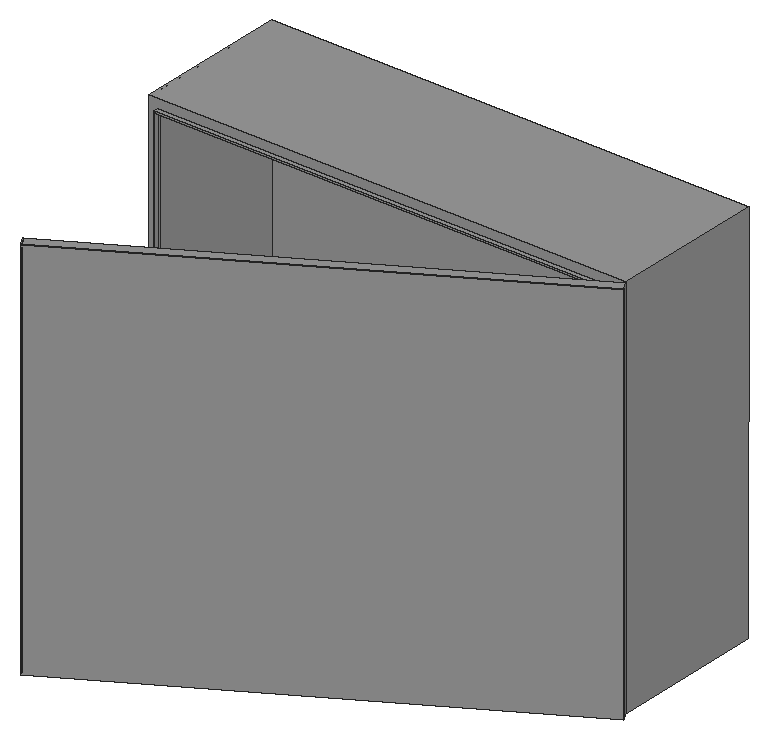
Revit family "Hager-Univers-IP55-D275-H650-Cl.I-Steel_encl-NoHosted-DE-de", category Equipement électrique, Revit 2020
Family settings
  Configuration du panneau = Deux colonnes, circuits au sein
  Cote de connecteur circulaire = Utiliser le diamètre
  Type d'élément = Tableau de raccordement
  Basée sur le plan de construction = Oui
  Toujours verticalement = Oui
  Couper avec des vides une fois chargée = Non
  Partagée = Non
  Point de calcul de pièce = Non
Parameters (values of type "Aufputz IP55 B800 H650 T275  - FR43E")
  Width Control [instance] = if([EF000008 - Breite] > Min Width, [EF000008 - Breite], Min Width)  # 800 mm
  Commentaires du type = [HG000003 - Bereich]  # "Univers"
  Thickness Door [instance] = if([EF009171 - Materialstärke Tür/Deckel] > 3 mm, 3 mm, [EF009171 - Materialstärke Tür/Deckel])  # 1.5 mm
  Seal Frame Offset [instance] = 17 mm  # constant formula
  Plinth Visibility [instance] = [HG000027 - Sockelhöhe] > 0 mm  # no
  Min Width [instance] = 100 mm  # constant formula
  Min Depth [instance] = (2 * [EF009170 - Materialstärke Gehäuse]) + 1 mm  # 4 mm
  Min Height [instance] = 100 mm  # constant formula
  Internal Frame Depth [instance] = (Door System Depth * 0.5)  # 9 mm
  Panel Name [instance] = ""  # (empty or 0)
  Model = ""
  HG000027 - Sockelhöhe = 0 mm
  HG000026 - Stehend auf dem Boden = no
  HG000024 - Höhe des unteren Teils = 600 mm
  HG000023 - Gehäuse mit doppeltem Querschnitt = no
  HG000016 - 3D-Türsichtbarkeit [instance] = yes
  HG000015 - Sichtbarkeit der Türöffnung [instance] = no
  HG000014 - Tür rechts [instance] = yes
  HG000013 - Tür links [instance] = not([HG000014 - Tür rechts])  # no
  HG000012 - Türschwenkwinkel [instance] = 30.00°
  HG000010 - Asymmetrische Türen = no
  HG000009 - Doppelflügeligen Tür = no
  HG000006 - Unterputz = no
  HG000004 - Herstellerreferenz = "FR43E"
  HG000003 - Bereich = "Univers"
  HG000002 - Mit tür = yes
  Frame Offset Bottom [instance] = 10 mm  # constant formula
  Frame Offset [instance] = 15 mm  # constant formula
  EF015940 - Deckel mit Überdruckentlastung = no
  EF011959 - Schutzart (NEMA) = ""
  EF009554 - Anzahl der Öffnungen für Flanschplatten = 6
  EF009212 - Ausführung Deckel = "EV000116 - geschlossen"
  EF009171 - Materialstärke Tür/Deckel = 1.5 mm
  EF009170 - Materialstärke Gehäuse = 1.5 mm
  EF008873 - Nennstrom (In) = 800 A
  EF007800 - Geeignet für Blitzschutz = no
  EF006306 - Mit Schloss = no
  EF006244 - Transparenter Deckel/Tür = no
  EF005474 - Schutzart (IP) = "EV006420 - IP55"
  EF004464 - Art der Tür = "EV002646 - Einzel"
  EF004427 - Anzahl der Module = 144
  EF004293 - Schlagfestigkeit = "EV008784 - IK10"
  EF003532 - Geeignet für Außengebrauch = no
  EF002950 - Breite in Teilungseinheiten = 24
  EF001613 - Funktionserhalt = "EV000494 - ohne"
  EF001596 - Werkstoff des Gehäuses = "EV000179 - Stahl"
  EF001131 - Innentiefe = 275 mm
  EF001088 - Anbaumöglichkeit = yes
  EF000437 - Anzahl der Leitungseinführungen = 6
  EF000339 - Art der Abdeckung = "EV004216 - Tür"
  EF000266 - Anzahl der Reihen = 4
  EF000218 - Einbautiefe = 0 mm
  EF000118 - Mit Montageplatte = no
  EF000116 - RAL-Nummer = "7035"
  EF000049 - Tiefe = 275 mm
  EF000040 - Höhe = 650 mm
  EF000008 - Breite = 800 mm
  EF000007 - Farbe = "EV000270 - grau"
  EF000003 - Montageart = "EV000384 - Aufputz"
  Door System Leaf Tolerance [instance] = 1.5 mm  # constant formula
  Door System Depth [instance] = 18 mm  # constant formula
  Door Height [instance] = Height Control - [HG000027 - Sockelhöhe]  # 650 mm
  Description = ""
  Default Elevation = 1219.2 mm
  Connector Offset [instance] = Height Control / 2  # 325 mm
  Fabricant = "Hager"  # constant formula
  Height Control [instance] = if([EF000040 - Höhe] > Min Height, [EF000040 - Höhe], Min Height)  # 650 mm
  Depth Control [instance] = if([EF000049 - Tiefe] > Min Depth, [EF000049 - Tiefe], Min Depth)  # 275 mm
  Bottom Top Plate Trim [instance] = 1.5 mm  # constant formula
  Plinth height Ctrl [instance] = if([HG000027 - Sockelhöhe] > 0 mm, [HG000027 - Sockelhöhe], 12 mm)  # 12 mm
Types (5, lengths in mm): name | Width Control | HG000010 - Asymmetrische Türen | HG000009 - Doppelflügeligen Tür | HG000004 - Herstellerreferenz | EF009554 - Anzahl der Öffnungen für Flanschplatten | EF004464 - Art der Tür | EF004427 - Anzahl der Module | EF000437 - Anzahl der Leitungseinführungen | EF000008 - Breite
  Aufputz IP55 B1050 H650 T275  - FR44E | 1050 | no | yes | "FR44E" | 8 | "EV003602 - Doppel" | 192 | 8 | 1050
  Aufputz IP55 B1300 H650 T275  - FR45E | 1300 | yes | yes | "FR45E" | 10 | "EV003602 - Doppel" | 240 | 10 | 1300
  Aufputz IP55 B300 H650 T275  - FR41E | 300 | no | no | "FR41E" | 2 | "EV002646 - Einzel" | 48 | 2 | 300
  Aufputz IP55 B550 H650 T275  - FR42E | 550 | no | no | "FR42E" | 4 | "EV002646 - Einzel" | 96 | 4 | 550
  Aufputz IP55 B800 H650 T275  - FR43E | 800 | no | no | "FR43E" | 6 | "EV002646 - Einzel" | 144 | 6 | 800
Reference planes
  plane 1 "Center (Front/Back)": y = 0
  plane 2: z = 0
  plane 3 "Center (Left/Right)": x = 0
  plane 4: y = 0
  plane 5: y = 0
  plane 6: z = 0
  plane 7: x = -400
  plane 8: x = 400
  plane 9: x = 398.5
  plane 10: x = -398.5
  plane 11: z = 0
  plane 12: z = 1.5
  plane 13: y = -275
  plane 14: y = -1.5
  plane 15: x = 0
  plane 16: y = -257
  plane 17: y = -273.5
  plane 18: y = -255.5
  plane 19: x = -383.5
  plane 20: x = 383.5
  plane 21: z = 11.5
  plane 22: x = -383
  plane 23: x = 383
  plane 24: z = 0
  plane 25: z = 650
  plane 26: z = 650
  plane 27: z = 633.5
  plane 28: z = 648.5
Forms (mm)
  Extrusion 1, solid, material "Hager_Steel_RAL7035_Light_Grey", detail levels medium+fine
    sketch origin (-208.679, -4572, 0) x (-1, 0, 0) y (0, -1, 0)
      loop
        line (191.321, -4315) -> (-608.679, -4315) -> (-608.679, -4572) -> (191.321, -4572) -> (191.321, -4315)
    from 0 to 650
  Extrusion 2, void
    sketch origin (-350.771, -275, 1219.2) x (1, 0, 0) y (0, 0, 1)
      loop
        line (-47.729, -570.7) -> (-47.729, -1217.7) -> (749.271, -1217.7) -> (749.271, -570.7) -> (-47.729, -570.7)
    from -19.5 to -273.5
  Extrusion 3, void
    sketch origin (-290.084, -257, 1219.2) x (1, 0, 0) y (0, 0, 1)
      loop
        line (-93.416, -1207.7) -> (673.584, -1207.7) -> (673.584, -585.7) -> (-93.416, -585.7) -> (-93.416, -1207.7)
    from 0 to -1.5
  Extrusion 4, solid, material "Hager_Steel_RAL7035_Light_Grey", visible <- "Plinth Visibility", detail levels medium+fine
    sketch origin (0, 0, 0) x (1, 0, 0) y (0, 1, 0)
      loop
        line (-400, 0) -> (-400, -257) -> (400, -257) -> (400, 0) -> (-400, 0)
    from 0 to 12 <- "Plinth height Ctrl"
  Extrusion 5, solid, material "Hager_Steel_RAL7035_Light_Grey", detail levels coarse
    sketch origin (0, 0, 0) x (1, 0, 0) y (0, 1, 0)
      loop
        line (-400, 0) -> (-400, -275) -> (400, -275) -> (400, 0) -> (-400, 0)
    from 0 to 650 <- "Height Control"
  Sweep 6, void
    path in 3D
      loop
        line (-400, -257, 12) -> (400, -257, 12) -> (400, 0, 12) -> (-400, 0, 12) -> (-400, -257, 12)
    profile origin (-400, -128.5, 12) x (1, 0, 0) y (0, 0, 1)
      loop
        line (0, 0) -> (0, -1.5) -> (1.5, -1.5)
        arc (1.5, -1.5) -> (1.061, -0.439) -> (0, 0) r 1.5
  Extrusion 7, solid, material "Hager_Steel_RAL7035_Light_Grey", detail levels fine
    sketch origin (-400, -257, 0) x (1, 0, 0) y (0, 0, 1)
      loop
        line (16.5, 11.5) -> (783.5, 11.5) -> (783.5, 633.5) -> (16.5, 633.5) -> (16.5, 11.5)
      loop
        line (15, 10) -> (785, 10) -> (785, 635) -> (15, 635) -> (15, 10)
    from 0 to 9 <- "Internal Frame Depth"
Cuts and joins
  Extrusion 2, Extrusion 3 cuts Extrusion 1
  Sweep 6 cuts Extrusion 4
Lines and regions (mm)
  Masking region 1
    outline origin (0, 0, 0) x (1, 0, 0) y (0, 1, 0)
      loop
        line (-400, 0) -> (-400, -275) -> (400, -275) -> (400, 0) -> (-400, 0)
  Masking region 2, detail levels coarse
    outline origin (-290.084, -257, 1219.2) x (-1, 0, 0) y (0, 0, 1)
      loop
        line (-690.084, -1219.2) -> (109.916, -1219.2) -> (109.916, -569.2) -> (-690.084, -569.2) -> (-690.084, -1219.2)
  Masking region 3, detail levels coarse
    outline origin (0, 0, 0) x (0, 1, 0) y (0, 0, 1)
      loop
        line (0, 0) -> (0, 650) -> (-275, 650) -> (-275, 0) -> (0, 0)
  Masking region 4, visible <- "Plinth Visibility", detail levels medium+fine
    outline origin (0, 0, 0) x (0, 1, 0) y (0, 0, 1)
      loop
        line (-1.5, 12) -> (-255.5, 12)
        arc (-255.5, 12) -> (-255.939, 10.939) -> (-257, 10.5) r 1.5
        line (-257, 10.5) -> (-257, 0) -> (0, 0) -> (0, 10.5)
        arc (0, 10.5) -> (-1.061, 10.939) -> (-1.5, 12) r 1.5
  Masking region 5, detail levels medium+fine
    outline origin (0, 0, 594.038) x (0, 1, 0) y (0, 0, 1)
      loop
        line (0, -594.038) -> (0, 55.962) -> (-257, 55.962) -> (-257, -594.038) -> (0, -594.038)
  Masking region 6, detail levels medium+fine
    outline origin (-359.7, -257, 1211.883) x (-1, 0, 0) y (0, 0, 1)
      loop
        line (-759.7, -1211.883) -> (40.3, -1211.883) -> (40.3, -561.883) -> (-759.7, -561.883) -> (-759.7, -1211.883)
  Masking region 7, visible <- "Plinth Visibility", detail levels medium+fine
    outline origin (-320.334, -257, 1041.368) x (-1, 0, 0) y (0, 0, 1)
      loop
        line (-720.334, -1041.368) -> (79.666, -1041.368) -> (79.666, -1030.868)
        arc (79.666, -1030.868) -> (78.606, -1030.429) -> (78.166, -1029.368) r 1.5
        line (78.166, -1029.368) -> (-718.834, -1029.368)
        arc (-718.834, -1029.368) -> (-719.273, -1030.429) -> (-720.334, -1030.868) r 1.5
        line (-720.334, -1030.868) -> (-720.334, -1041.368)
  sketch lines
    curve 1: line (-400, 0, 12) -> (-400, -257, 12)
    curve 2: line (-400, -257, 12) -> (400, -257, 12)
    curve 3: line (400, 0, 12) -> (-400, 0, 12)
    curve 4: line (400, -257, 12) -> (400, 0, 12)
Dimensions and locks
  locked: plane 1 "Center (Front/Back)" to plane 5
  "EF009170 - Materialstärke Gehäuse": plane 7 to plane 10
  "EF009170 - Materialstärke Gehäuse": plane 8 to plane 9
  equal spacing: plane 7, plane 3 "Center (Left/Right)", plane 8
  "Width Control": plane 7 to plane 8
  "Depth Control": plane 4 to plane 13
  "EF009170 - Materialstärke Gehäuse": plane 4 to plane 14
  "Height Control": plane 25 to level
  "HG000027 - Sockelhöhe": plane 11 to level
  "EF009170 - Materialstärke Gehäuse": plane 12 to plane 11
  "EF009170 - Materialstärke Gehäuse": plane 17 to plane 13
  "EF009170 - Materialstärke Gehäuse": plane 18 to plane 16
  "Frame Offset Bottom": plane 21 to plane 12
  "Frame Offset": plane 10 to plane 19
  "Frame Offset": plane 9 to plane 20
  "Door System Depth": plane 16 to plane 13
  "Seal Frame Offset": plane 7 to plane 22
  "Seal Frame Offset": plane 8 to plane 23
  "EF009170 - Materialstärke Gehäuse": plane 26 to plane 28
  "Frame Offset": plane 28 to plane 27
  "Connector Offset": plane 2 to connector elem
  "Bottom Top Plate Trim": profile plane to Sweep 6 sketch curve
  "Bottom Top Plate Trim": Sweep 6 sketch curve to Sweep 6 sketch curve
  "Plinth height Ctrl": Masking region 4 sketch curve to level
  "Plinth height Ctrl": Masking region 7 sketch curve to level
  "Thickness Door": Extrusion 7 sketch curve to Extrusion 7 sketch curve  (x4)
  "Bottom Top Plate Trim": radius of Sweep 6 sketch curve
  "Bottom Top Plate Trim": radius of Masking region 4 sketch curve  (x2)
  "Bottom Top Plate Trim": radius of Masking region 7 sketch curve  (x2)
  aligned and locked: Extrusion 2 sketch curve to plane 12
  aligned and locked: Extrusion 2 sketch curve to plane 9
  aligned and locked: Extrusion 2 sketch curve to plane 10
  aligned and locked: Extrusion 2 to plane 14
  aligned and locked: Extrusion 1 sketch curve to plane 4
  aligned and locked: plane 8 to Extrusion 1 sketch curve
  aligned and locked: plane 7 to Extrusion 1 sketch curve
  aligned and locked: Extrusion 2 to plane 18
  aligned and locked: Extrusion 3 sketch curve to plane 19
  aligned and locked: plane 20 to Extrusion 3 sketch curve
  aligned and locked: Extrusion 3 to Extrusion 2
  aligned and locked: Extrusion 3 sketch curve to plane 21
  aligned and locked: plane 3 "Center (Left/Right)" to nested 1
  aligned and locked: Extrusion 1 sketch curve to plane 16
  aligned and locked: Extrusion 4 sketch curve to cut or joined group of Extrusion 1, Extrusion 2, Extrusion 3
  aligned and locked: Masking region 1 sketch curve to plane 7
  aligned and locked: Masking region 1 sketch curve to plane 5
  aligned and locked: Masking region 1 sketch curve to plane 8
  aligned and locked: Masking region 2 sketch curve to level
  aligned and locked: level to Masking region 3 sketch curve
  aligned and locked: plane 1 "Center (Front/Back)" to Masking region 3 sketch curve
  aligned and locked: plane 13 to Masking region 3 sketch curve
  aligned and locked: plane 5 to Masking region 4 sketch curve
  aligned and locked: Masking region 2 sketch curve to plane 8
  aligned and locked: Masking region 2 sketch curve to plane 7
  aligned and locked: plane 7 to nested 2
  aligned and locked: nested 2 to plane 5
  aligned and locked: plane 5 to Masking region 5 sketch curve
  aligned and locked: plane 26 to Masking region 5 sketch curve
  aligned and locked: Extrusion 5 sketch curve to plane 8
  aligned and locked: Extrusion 5 sketch curve to plane 7
  aligned and locked: Extrusion 5 sketch curve to plane 5
  aligned and locked: Extrusion 3 sketch curve to plane 27
  aligned and locked: Extrusion 2 sketch curve to plane 28
  aligned and locked: Masking region 2 to plane 25
  aligned and locked: Extrusion 4 to plane 16
  aligned and locked: profile plane to Sweep 6 sketch curve
  aligned and locked: Masking region 5 sketch curve to plane 24
  aligned and locked: level to Masking region 4 sketch curve
  aligned and locked: Masking region 1 to plane 13
  aligned and locked: nested 1 to plane 16
  aligned and locked: Masking region 3 to plane 25
  aligned and locked: plane 16 to Masking region 4 sketch curve
  aligned and locked: Masking region 5 sketch curve to plane 16
  aligned and locked: plane 24 to plane 11
  aligned and locked: plane 26 to plane 25
  aligned and locked: plane 26 to cut or joined group of Extrusion 1, Extrusion 2, Extrusion 3
  aligned and locked: nested 1 to plane 24
  aligned and locked: Extrusion 1 to Extrusion 3
  aligned and locked: Masking region 6 sketch curve to plane 8
  aligned and locked: Masking region 6 sketch curve to plane 24
  aligned and locked: Masking region 6 sketch curve to plane 7
  aligned and locked: Masking region 6 sketch curve to plane 26
  aligned and locked: Masking region 7 sketch curve to plane 7
  aligned and locked: level to Masking region 7 sketch curve
  aligned and locked: Masking region 7 sketch curve to plane 8
  aligned and locked: Extrusion 7 sketch curve to cut or joined group of Extrusion 1, Extrusion 2, Extrusion 3  (x4)
Automatic sketch dimensions
  plane 19 to Extrusion 3 sketch curve = 0 mm
  Extrusion 3 sketch curve to plane 20 = 0 mm
  Extrusion 3 sketch curve to plane 21 = 0 mm
  Extrusion 4 sketch curve to plane 7 = 0 mm
  Extrusion 4 sketch curve to plane 8 = 0 mm
  Extrusion 4 sketch curve to plane 16 = 0 mm
  Masking region 1 sketch curve to plane 13 = 0 mm
  Masking region 2 sketch curve to plane 25 = 0 mm
  Masking region 3 sketch curve to plane 25 = 0 mm
  Extrusion 5 sketch curve to plane 13 = 0 mm
  profile plane to Sweep 6 sketch curve = 0 mm
Nested families
  nested 1: "EC000058_Univers_Door" at (0, -257, 0), Double <- "HG000009 - Doppelflügeligen Tür", Transparent <- "EF006244 - Transparenter Deckel/Tür", Angle <- "HG000012 - Türschwenkwinkel", Door_Right <- "HG000014 - Tür rechts", Assymetrical <- "HG000010 - Asymmetrische Türen", Door <- "HG000002 - Mit tür", Width_Ctrl <- "Width Control", 3d_Door <- "HG000016 - 3D-Türsichtbarkeit", Clearance <- "HG000015 - Sichtbarkeit der Türöffnung", Door_Left <- "HG000013 - Tür links", Width <- "Width Control", Door_Depth <- "Door System Depth", Leaf_Tolerance <- "Door System Leaf Tolerance", Height <- "Door Height", Lock_Visibility <- "EF006306 - Mit Schloss", Thickness <- "Thickness Door", type "EC000058_Univers_Door", detail levels medium+fine
    with min_wh 4 mm, Width_Ctrl 800 mm, Width 800 mm, Transparent no, Thickness 1.5 mm, Seal_Material Hager_Rubber, Lock_Visibility no, Lock_Material Hager_Plastic_RAL9005_Jet_Black, Leaf_Width 800 mm, Leaf_Tolerance_External_Sides 0 mm, Leaf_Tolerance 1.5 mm, Leaf_Offset 0 mm, Leaf_Height 647 mm, Leaf_2_Width 800 mm, Leaf_2_Offset 400 mm, Leaf_1_Width 800 mm, Leaf_1_Offset 400 mm, Height_Ctrl 650 mm, Height 650 mm, Glass_Material Hager_Glass, Double_Clearance_Ctrl no, Double no, Door_Right_Ctrl yes, Door_Right yes, Door_Material Hager_Steel_RAL7035_Light_Grey, Door_Left_Ctrl no, Door_Left no, Door_Depth 18 mm, Door yes, Clearance_Material Hager_Clearance, Clearance_Depth 800 mm, Clearance_Ctrl no, Clearance no, Assymetrical no, Angle 30.00°, 3d_Door yes
  nested 2: "Hager_Enclosure_Symbol" at (-400, 0, 0), Height <- "Depth Control", Width <- "Width Control", type "Hager_Enclosure_Symbol"
    with Width_Ctrl 800 mm, Width 800 mm, Height_Ctrl 275 mm, Height 275 mm, A_Width_Int 18.047 mm, A_Width 216.562 mm, A_Height_Ctrl 240.625 mm, A_Height 240.625 mm
Connectors
  electrical at (0, 0, 325)
    settings: on plane 1 "Center (Front/Back)", index 1, voltage 0 V, apparent load 0 VA, apparent load phase1 0 VA, apparent load phase2 0 VA, apparent load phase3 0 VA, power factor 1, load classification "Other", number of poles 1, system type 30, power factor state 1, is connector primary yes, connector utility no, sub classification motor no, connector description ""
Definition of nested family "EC000058_Univers_Door"
  Parameters (values of type "EC000058_Univers_Door")
    min_wh [instance] = (2 * Thickness) + 1 mm  # 11 mm
    Width_Ctrl [instance] = 400 mm
    Width [instance] = 500 mm
    Transparent [instance] = yes
    Thickness [instance] = 5 mm
    Seal_Material [instance] = none
    Lock_Visibility [instance] = yes
    Lock_Material [instance] = none
    Leaf_Width [instance] = if((Width_Ctrl - 2 * Leaf_Tolerance_External_Sides) > 0 mm, (Width_Ctrl - 2 * Leaf_Tolerance_External_Sides), min_wh)  # 400 mm
    Leaf_Tolerance_External_Sides [instance] = 0 mm  # constant formula
    Leaf_Tolerance [instance] = 1.5 mm
    Leaf_Offset [instance] = 0 mm  # constant formula
    Leaf_Height [instance] = if((Height_Ctrl - 2 * Leaf_Tolerance) > 0 mm, (Height_Ctrl - 2 * Leaf_Tolerance), min_wh)  # 497 mm
    Leaf_2_Width [instance] = if(and(and(Double, Assymetrical), Door_Left), (Leaf_Width / 3) - (Leaf_Tolerance / 2), if(and(and(Double, Assymetrical), Door_Right), (Leaf_Width / 3) * 2 - (Leaf_Tolerance / 2), if(and(Double, not(Assymetrical)), (Leaf_Width / 2) - Leaf_Tolerance, Leaf_Width)))  # 400 mm
    Leaf_2_Offset [instance] = if(and(Double, Assymetrical), Leaf_2_Width / 2, if(and(Double, not(Assymetrical)), Leaf_Width / 4, Leaf_Width / 2))  # 200 mm
    Leaf_1_Width [instance] = if(and(and(Double, Assymetrical), Door_Right), (Leaf_Width / 3) - (Leaf_Tolerance / 2), if(and(and(Double, Assymetrical), Door_Left), (Width / 3) * 2 - (Leaf_Tolerance / 2), if(and(Double, not(Assymetrical)), (Leaf_Width / 2) - Leaf_Tolerance, Leaf_Width)))  # 400 mm
    Leaf_1_Offset [instance] = if(and(Double, Assymetrical), Leaf_1_Width / 2, if(and(Double, not(Assymetrical)), Leaf_Width / 4, Leaf_Width / 2))  # 200 mm
    Height_Ctrl [instance] = if(Height > min_wh, Height, min_wh)  # 500 mm
    Height [instance] = 500 mm
    Glass_Material [instance] = none
    Double_Clearance_Ctrl [instance] = and(Double, Clearance)  # no
    Double [instance] = no
    Door_Right_Ctrl [instance] = and(or(Door_Right, Double), Door)  # yes
    Door_Right [instance] = yes
    Door_Material [instance] = none
    Door_Left_Ctrl [instance] = and(or(Door_Left, Double), Door)  # no
    Door_Left [instance] = no
    Door_Depth [instance] = 30 mm
    Door [instance] = yes
    Default Elevation = 1219.2 mm
    Clearance_Material [instance] = none
    Clearance_Depth [instance] = if(Leaf_1_Width > Leaf_2_Width, Leaf_1_Width, Leaf_2_Width)  # 400 mm
    Clearance_Ctrl [instance] = and(not(Double), Clearance)  # yes
    Clearance [instance] = yes
    Assymetrical [instance] = yes
    Angle [instance] = 30.00°
    3d_Door [instance] = yes
  Reference planes
    plane 1 "Center (Front/Back)": y = 0
    plane 2 "Bottom": z = 0
    plane 3 "Center (Left/Right)": x = 0
    plane 4: z = 500
    plane 5: x = -200
    plane 6: x = 200
    plane 7: z = 500
    plane 8: x = -200
    plane 9: z = 0
    plane 10: x = 200
    plane 11: y = 0
    plane 12: z = 1.5
    plane 13: x = -600
    plane 14: y = -400
    plane 15: x = 600
    plane 16: x = 0
    plane 17: x = 0
    plane 18: x = -200
    plane 19: x = 200
    plane 20: z = 498.5
  Forms (mm)
    Extrusion 1, solid, material <- "Clearance_Material", visible <- "Double_Clearance_Ctrl"
      sketch origin (1200, 0, 0) x (1, 0, 0) y (0, 0, -1)
        loop
          line (-1800, -498.5) -> (-600, -498.5) -> (-600, 0) -> (-1800, 0) -> (-1800, -498.5)
      from 0 to -400
  Dimensions and locks
    equal spacing: plane 5, plane 3 "Center (Left/Right)", plane 6
    "Width_Ctrl": plane 5 to plane 6
    "Leaf_Offset": plane 5 to plane 8
    "Leaf_Offset": plane 6 to plane 10
    "Leaf_Offset": plane 9 to level
    "Leaf_Offset": plane 4 to plane 7
    "Height_Ctrl": plane 4 to level
    "Leaf_Tolerance": plane 12 to plane 9
    locked: plane 11 to plane 1 "Center (Front/Back)"
    "Leaf_1_Offset": plane 18 to plane 16
    "Leaf_2_Offset": plane 17 to plane 19
    "Leaf_1_Width": plane 13 to plane 8
    "Leaf_2_Width": plane 10 to plane 15
    "Clearance_Depth": plane 14 to plane 1 "Center (Front/Back)"
    "Leaf_Tolerance_External_Sides": plane 8 to plane 18
    "Leaf_Tolerance_External_Sides": plane 19 to plane 10
    "Leaf_Tolerance": plane 7 to plane 20
    aligned and locked: level to plane 2 "Bottom"
    aligned and locked: nested 1 to plane 16
    aligned and locked: nested 2 to plane 17
    aligned and locked: Extrusion 1 to plane 13
    aligned and locked: plane 15 to Extrusion 1
    aligned and locked: Extrusion 1 to plane 14
    aligned and locked: plane 12 to nested 1
    aligned and locked: nested 2 to plane 12
    aligned and locked: Extrusion 1 to plane 11
    aligned and locked: plane 20 to Extrusion 1
    aligned and locked: nested 2 to plane 11
    aligned and locked: nested 1 to plane 11
  Automatic sketch dimensions
    Extrusion 1 sketch curve to level = 0 mm
    plane 5 to Extrusion 1 sketch curve = 400 mm
    plane 6 to Extrusion 1 sketch curve = 400 mm
    Extrusion 1 sketch curve to plane 4 = 1.5 mm
  Nested families
    nested 1: "EC000058_Univers_Door_Leaf" at (0, 0, 1.5), Width <- "Leaf_1_Width", visible <- "Door_Left_Ctrl", Leaf_Height <- "Leaf_Height", Angle <- "Angle", 3d_Door <- "3d_Door", Transparent <- "Transparent", Clearance Material <- "Clearance_Material", Clearance <- "Clearance_Ctrl", Door_Material <- "Door_Material", Glass_Material <- "Glass_Material", Door_Depth <- "Door_Depth", Lock_Material <- "Lock_Material", Seal_Material <- "Seal_Material", Lock_Visibility <- "Lock_Visibility", Thickness <- "Thickness", type "EC000058_Univers_Door_Leaf"
      with Width 400 mm, Transparent_Glass_Offset 30 mm, Transparent_Ctrl yes, Transparent yes, Thickness 5 mm, Standard no, Seal_Material none, Seal_D2 8 mm, Seal_D1 1 mm, Offset_Internal_Frame 10 mm, Lock_Width 20 mm, Lock_Visibility_3d yes, Lock_Visibility yes, Lock_Thickness_3 3 mm, Lock_Thickness_2 1 mm, Lock_Thickness_1 3 mm, Lock_Radius_Offset_2 16 mm, Lock_Radius_Offset_1 15 mm, Lock_Radius_2 5 mm, Lock_Radius 6 mm, Lock_Offset 5 mm, Lock_Material none, Lock_Height 80 mm, Lock_Cover_Top_Offset_2d 17 mm, Lock_Cover_Height -65 mm, Leaf_Height 497 mm, Internal_Seal_Thickness 8 mm, Internal_Seal_Depth_2 4.5 mm, Internal_Frame_Depth 25 mm, Glass_Thickness -1 mm, Glass_Offset -2 mm, Glass_Material none, Door_Material none, Door_Depth 30 mm, Clearance Material none, Clearance yes, Angle_Ctrl 30.00°, Angle 30.00°, 3d_Door yes
    nested 2: "EC000058_Univers_Door_Leaf" at (0, 0, 1.5) x (-1, 0, 0) z (0, 0, 1), Width <- "Leaf_2_Width", visible <- "Door_Right_Ctrl", Leaf_Height <- "Leaf_Height", Angle <- "Angle", 3d_Door <- "3d_Door", Transparent <- "Transparent", Clearance Material <- "Clearance_Material", Clearance <- "Clearance_Ctrl", Door_Material <- "Door_Material", Glass_Material <- "Glass_Material", Door_Depth <- "Door_Depth", Lock_Material <- "Lock_Material", Seal_Material <- "Seal_Material", Lock_Visibility <- "Lock_Visibility", Thickness <- "Thickness", type "EC000058_Univers_Door_Leaf"
      with Width 400 mm, Transparent_Glass_Offset 30 mm, Transparent_Ctrl yes, Transparent yes, Thickness 5 mm, Standard no, Seal_Material none, Seal_D2 8 mm, Seal_D1 1 mm, Offset_Internal_Frame 10 mm, Lock_Width 20 mm, Lock_Visibility_3d yes, Lock_Visibility yes, Lock_Thickness_3 3 mm, Lock_Thickness_2 1 mm, Lock_Thickness_1 3 mm, Lock_Radius_Offset_2 16 mm, Lock_Radius_Offset_1 15 mm, Lock_Radius_2 5 mm, Lock_Radius 6 mm, Lock_Offset 5 mm, Lock_Material none, Lock_Height 80 mm, Lock_Cover_Top_Offset_2d 17 mm, Lock_Cover_Height -65 mm, Leaf_Height 497 mm, Internal_Seal_Thickness 8 mm, Internal_Seal_Depth_2 4.5 mm, Internal_Frame_Depth 25 mm, Glass_Thickness -1 mm, Glass_Offset -2 mm, Glass_Material none, Door_Material none, Door_Depth 30 mm, Clearance Material none, Clearance yes, Angle_Ctrl 30.00°, Angle 30.00°, 3d_Door yes
  Definition of nested family "EC000058_Univers_Door_Leaf"
    Parameters (values of type "EC000058_Univers_Door_Leaf")
      Width [instance] = 2000 mm
      Transparent_Glass_Offset [instance] = 30 mm
      Transparent_Ctrl [instance] = and(Transparent, [3d_Door])  # yes
      Transparent [instance] = yes
      Thickness [instance] = 5 mm
      Standard [instance] = and(not(Transparent), [3d_Door])  # no
      Seal_Material [instance] = none
      Seal_D2 [instance] = 8 mm  # constant formula
      Seal_D1 [instance] = 1 mm  # constant formula
      Offset_Internal_Frame [instance] = 10 mm  # constant formula
      Lock_Width [instance] = 20 mm  # constant formula
      Lock_Visibility_3d [instance] = and(Lock_Visibility, [3d_Door])  # yes
      Lock_Visibility [instance] = yes
      Lock_Thickness_3 [instance] = 3 mm  # constant formula
      Lock_Thickness_2 [instance] = 1 mm  # constant formula
      Lock_Thickness_1 [instance] = 3 mm  # constant formula
      Lock_Radius_Offset_2 [instance] = Lock_Radius_Offset_1 + 1 mm  # 16 mm
      Lock_Radius_Offset_1 [instance] = 15 mm  # constant formula
      Lock_Radius_2 [instance] = Lock_Radius - 1 mm  # 5 mm
      Lock_Radius [instance] = 6 mm  # constant formula
      Lock_Offset [instance] = 5 mm  # constant formula
      Lock_Material [instance] = none
      Lock_Height [instance] = 80 mm  # constant formula
      Lock_Cover_Top_Offset_2d [instance] = Lock_Radius_Offset_2 + 1 mm  # 17 mm
      Lock_Cover_Height [instance] = -(Lock_Height - Lock_Radius_Offset_1)  # -65 mm
      Leaf_Height [instance] = 2720.336 mm
      Internal_Seal_Thickness [instance] = 8 mm  # constant formula
      Internal_Seal_Depth_2 [instance] = 4.5 mm  # constant formula
      Internal_Frame_Depth [instance] = if(Door_Depth - Thickness > 5 mm, Door_Depth - Thickness, 5 mm)  # 25 mm
      Glass_Thickness [instance] = if(Thickness > 15 mm, Glass_Offset + 10 mm, -1 mm)  # -1 mm
      Glass_Offset [instance] = if(Thickness > 15 mm, -(Thickness + 10 mm) / 2, -2 mm)  # -2 mm
      Glass_Material [instance] = none
      Door_Material [instance] = none
      Door_Depth [instance] = 30 mm
      Default Elevation = 0 mm
      Clearance Material [instance] = none
      Clearance [instance] = yes
      Angle_Ctrl [instance] = if(Angle > 180.00°, 180.00°, Angle)  # 90.00°
      Angle [instance] = 90.00°
      3d_Door [instance] = yes
    Reference planes
      plane 1 "Center (Front/Back)": y = 0
      plane 2: z = 0
      plane 3 "Center (Left/Right)": x = 0
      plane 4: y = 2000
      plane 5: x = -1000
      plane 6: x = 1000
      plane 7: x = -3000
      plane 8: z = 2720.336
      plane 9: z = 30
      plane 10: z = 2690.336
      plane 11: x = 970
      plane 12: x = -970
      plane 13: y = -3
      plane 14: z = 107.833
      plane 15: y = -5
      plane 16: y = -223.314
      plane 17: x = -1000
      plane 18: z = 1360.168
      plane 19: y = 30
    Forms (mm)
      Extrusion 1, solid, material <- "Clearance Material", visible <- "Clearance"
        sketch origin (0, 0, 0) x (1, 0, 0) y (0, 0, 1)
          loop
            line (-3000, 2720.336) -> (-3000, 0) -> (1000, 0) -> (1000, 2720.336) -> (-3000, 2720.336)
        from 0 to -2000
      Extrusion 2, solid, material <- "Door_Material", visible <- "Standard", detail levels medium+fine
        sketch origin (-1000, 0, 0) x (0, 1, 0) y (-1, 0, 0)
          loop
            line (0, 30) -> (0, 25) -> (2000, 25) -> (2000, 30) -> (0, 30)
        from 0 to 2720.336 <- "Leaf_Height"
      Extrusion 3, solid, material <- "Door_Material", visible <- "Transparent_Ctrl", detail levels medium+fine
        sketch origin (-1000, 0, 0) x (0, 1, 0) y (-1, 0, 0)
          loop
            line (0, 25) -> (2000, 25) -> (2000, 30) -> (0, 30) -> (0, 25)
        from 0 to 2720.336 <- "Leaf_Height"
      Extrusion 4, void
        sketch origin (-1025, 2000, 0) x (0, 1, 0) y (0, 0, -1)
          loop
            line (-30, -2690.336) -> (-30, -30) -> (-1970, -30) -> (-1970, -2690.336) -> (-30, -2690.336)
        from 0 to 5 <- "Thickness"
      Sweep 5, solid, material <- "Seal_Material", visible <- "Transparent_Ctrl", detail levels fine
        path in 3D
          loop
            line (-1025, 30, 30) -> (-1025, 30, 2690.336) -> (-1025, 1970, 2690.336) -> (-1025, 1970, 30) -> (-1025, 30, 30)
        profile origin (-1025, 1000, 30) x (1, 0, 0) y (0, 0, 1)
          loop
            line (0, 0) -> (0, -8) -> (1, -8) -> (1, 0) -> (0, 0)
      Extrusion 6, solid, material <- "Glass_Material", visible <- "Transparent_Ctrl", detail levels medium+fine
        sketch origin (-1030, 0, 0) x (0, 1, 0) y (0, 0, -1)
          loop
            line (1970, -2690.336) -> (1970, -30) -> (30, -30) -> (30, -2690.336) -> (1970, -2690.336)
        from -2 <- "Glass_Offset" to -1 <- "Glass_Thickness"
      Extrusion 7, solid, material <- "Door_Material", visible <- "3d_Door", detail levels medium+fine
        sketch origin (-1025, 2000, 0) x (0, -1, 0) y (0, 0, -1)
          loop
            line (0, -2720.336) -> (2000, -2720.336) -> (2000, 0) -> (0, 0) -> (0, -2720.336)
          loop
            line (1995, -5) -> (5, -5) -> (5, -2715.336) -> (1995, -2715.336) -> (1995, -5)
        from 0 to 25 <- "Internal_Frame_Depth"
      Sweep 8, solid, material <- "Seal_Material", visible <- "Transparent_Ctrl", detail levels fine
        path in 3D
          loop
            line (-1025, 0, 0) -> (-1025, 2000, 0) -> (-1025, 2000, 2720.336) -> (-1025, 0, 2720.336) -> (-1025, 0, 0)
        profile origin (-1025, 0, 1360.168) x (1, 0, 0) y (0, 1, 0)
          loop
            line (0, 10) -> (2.975, 10)
            arc (2.975, 10) -> (4.053, 10.447) -> (4.5, 11.525) r 1.525
            line (4.5, 11.525) -> (4.5, 16.527)
            arc (4.5, 16.527) -> (4.069, 17.569) -> (3.027, 18) r 1.473
            line (3.027, 18) -> (0, 18) -> (0, 10)
      Extrusion 9, solid, material <- "Lock_Material", visible <- "Lock_Visibility_3d", detail levels fine
        sketch origin (-1030, 0, 0) x (0, 1, 0) y (0, 0, -1)
          loop
            arc (1993.5, -1400.168) -> (1994.561, -1399.729) -> (1995, -1398.668) r 1.5
            line (1995, -1398.668) -> (1995, -1320.168) -> (1975, -1320.168) -> (1975, -1398.668)
            arc (1975, -1398.668) -> (1975.439, -1399.729) -> (1976.5, -1400.168) r 1.5
            line (1976.5, -1400.168) -> (1993.5, -1400.168)
        from 3 <- "Lock_Thickness_1" to 0
      Blend 10, solid, material <- "Lock_Material", visible <- "Lock_Visibility_3d", detail levels fine
        base sketch origin (-1033, 0, 0) x (0, 1, 0) y (0, 0, -1)
          loop
            line (1975, -1320.168) -> (1975, -1398.668)
            arc (1975, -1398.668) -> (1975.439, -1399.729) -> (1976.5, -1400.168) r 1.5
            line (1976.5, -1400.168) -> (1993.5, -1400.168)
            arc (1993.5, -1400.168) -> (1994.561, -1399.729) -> (1995, -1398.668) r 1.5
            line (1995, -1398.668) -> (1995, -1320.168) -> (1975, -1320.168)
        top sketch origin (-1033, 0, 0) x (0, 1, 0) y (0, 0, -1)
          loop
            line (1976, -1320.168) -> (1976, -1398.668)
            arc (1976, -1398.668) -> (1976.146, -1399.022) -> (1976.5, -1399.168) r 0.5
            line (1976.5, -1399.168) -> (1993.5, -1399.168)
            arc (1993.5, -1399.168) -> (1993.854, -1399.022) -> (1994, -1398.668) r 0.5
            line (1994, -1398.668) -> (1994, -1320.168) -> (1976, -1320.168)
        from 0 to 1 <- "Lock_Thickness_2"
      Blend 11, solid, material <- "Lock_Material", visible <- "Lock_Visibility_3d", detail levels fine
        base sketch origin (-1034, 0, 0) x (0, 1, 0) y (0, 0, -1)
          loop
            line (1978, -1320.168) -> (1978, -1384.168)
            arc (1978, -1384.168) -> (1985, -1391.168) -> (1992, -1384.168) r 7
            line (1992, -1384.168) -> (1992, -1320.168) -> (1978, -1320.168)
        top sketch origin (-1034, 0, 0) x (0, 1, 0) y (0, 0, -1)
          loop
            line (1991, -1320.168) -> (1979, -1320.168) -> (1979, -1383.168)
            arc (1979, -1383.168) -> (1985, -1389.168) -> (1991, -1383.168) r 6
            line (1991, -1383.168) -> (1991, -1320.168)
        from 0 to 3 <- "Lock_Thickness_3"
      Extrusion 12, solid, material <- "Lock_Material", visible <- "Lock_Visibility_3d", detail levels fine
        sketch origin (-1030, 1975, 1320.168) x (1, 0, 0) y (0, -1, 0)
          loop
            line (-7, -19) -> (-7, -1) -> (0, -1) -> (0, 0) -> (-8, 0) -> (-8, -20) -> (0, -20) -> (0, -19) -> (-7, -19)
        from 0 to -65 <- "Lock_Cover_Height"
      Extrusion 13, void
        sketch origin (-1038, 1995, 1320.168) x (-1, 0, 0) y (0, 0, -1)
          loop
            line (-5, -65) -> (0, -65) -> (-5, -60) -> (-5, -65)
        from 0 to 20 <- "Lock_Width"
      Extrusion 14, void
        sketch origin (-1038, 1975, 1320.168) x (0, -1, 0) y (0, 0, -1)
          loop
            circle (-10, -15.995) r 6
          loop
            circle (-10, -15.995) r 5
        from 0 to 2
      Extrusion 15, solid, material <- "Lock_Material", visible <- "Lock_Visibility_3d", detail levels medium
        sketch origin (-1030, 0, 0) x (0, 1, 0) y (0, 0, -1)
          loop
            arc (1993.5, -1400.168) -> (1994.561, -1399.729) -> (1995, -1398.668) r 1.5
            line (1995, -1398.668) -> (1995, -1320.168) -> (1975, -1320.168) -> (1975, -1398.668)
            arc (1975, -1398.668) -> (1975.439, -1399.729) -> (1976.5, -1400.168) r 1.5
            line (1976.5, -1400.168) -> (1993.5, -1400.168)
        from 8 to 0
    Cuts and joins
      Extrusion 4 cuts Extrusion 3
      Extrusion 13, Extrusion 14 cuts Extrusion 9
      Extrusion 14 cuts Blend 11
      Extrusion 13, Extrusion 14 cuts Extrusion 12
      joined: Extrusion 9, Blend 10, Blend 11, Extrusion 12
      Extrusion 14 cuts Extrusion 15
    Lines and regions (mm)
      Masking region 1, visible <- "Lock_Visibility", detail levels fine
        outline origin (0, 0, 0) x (0, 1, 0) y (0, 0, 1)
          loop
            line (30, 1320.168) -> (33, 1320.168) -> (33, 1400.168) -> (30, 1400.168) -> (30, 1320.168)
      Masking region 2, visible <- "Lock_Visibility", detail levels fine
        outline origin (0, 3.143, 0) x (0, 1, 0) y (0, 0, 1)
          loop
            line (29.857, 1354.168) -> (30.857, 1354.168) -> (30.857, 1366.168) -> (29.857, 1366.168) -> (29.857, 1354.168)
      Masking region 3, detail levels medium+fine
        outline origin (0, 0, 0) x (0, 1, 0) y (0, 0, 1)
          loop
            line (0, 0) -> (30, 0) -> (30, 2720.336) -> (0, 2720.336) -> (0, 0)
      Masking region 4, detail levels medium+fine
        outline origin (0, 0, 0) x (1, 0, 0) y (0, 0, 1)
          loop
            line (-1000, 2720.336) -> (-1000, 0) -> (1000, 0) -> (1000, 2720.336) -> (-1000, 2720.336)
      Masking region 5, visible <- "Lock_Visibility", detail levels fine
        outline origin (-47.116, 0, 0) x (1, 0, 0) y (0, 0, 1)
          loop
            arc (1024.616, 1399.168) -> (1023.556, 1398.729) -> (1023.116, 1397.668) r 1.5
            line (1023.116, 1397.668) -> (1023.116, 1320.168) -> (1041.116, 1320.168) -> (1041.116, 1397.668)
            arc (1041.116, 1397.668) -> (1040.677, 1398.729) -> (1039.616, 1399.168) r 1.5
            line (1039.616, 1399.168) -> (1024.616, 1399.168)
      Masking region 6, visible <- "Lock_Visibility", detail levels medium+fine
        outline origin (-25, 0, 0) x (1, 0, 0) y (0, 0, 1)
          loop
            arc (1001.5, 1400.168) -> (1000.439, 1399.729) -> (1000, 1398.668) r 1.5
            line (1000, 1398.668) -> (1000, 1320.168) -> (1020, 1320.168) -> (1020, 1398.668)
            arc (1020, 1398.668) -> (1019.561, 1399.729) -> (1018.5, 1400.168) r 1.5
            line (1018.5, 1400.168) -> (1001.5, 1400.168)
      Masking region 7, visible <- "Lock_Visibility", detail levels fine
        outline origin (-73.735, 0, 0) x (1, 0, 0) y (0, 0, 1)
          loop
            line (1051.735, 1382.168) -> (1065.735, 1382.168) -> (1065.735, 1384.168)
            arc (1065.735, 1384.168) -> (1058.735, 1391.168) -> (1051.735, 1384.168) r 7
            line (1051.735, 1384.168) -> (1051.735, 1382.168)
      Masking region 8, visible <- "Lock_Visibility", detail levels fine
        outline origin (-73.735, 0, 0) x (1, 0, 0) y (0, 0, 1)
          loop
            line (1052.735, 1382.168) -> (1064.735, 1382.168) -> (1064.735, 1383.168)
            arc (1064.735, 1383.168) -> (1058.735, 1389.168) -> (1052.735, 1383.168) r 6
            line (1052.735, 1383.168) -> (1052.735, 1382.168)
      Masking region 9, visible <- "Lock_Visibility", detail levels fine
        outline origin (-25, 0, 0) x (1, 0, 0) y (0, 0, 1)
          loop
            line (1020, 1320.168) -> (1020, 1382.168) -> (1000, 1382.168) -> (1000, 1320.168) -> (1020, 1320.168)
      Masking region 10, detail levels medium+fine
        outline origin (0, 0, 0) x (1, 0, 0) y (0, 0, 1)
          loop
            circle (985, 1335.144) r 6
      Masking region 11, detail levels fine
        outline origin (0, 0, 0) x (1, 0, 0) y (0, 0, 1)
          loop
            circle (985, 1335.144) r 5
      Masking region 12, visible <- "Lock_Visibility", detail levels fine
        outline origin (0, 12.767, 0) x (0, 1, 0) y (0, 0, 1)
          loop
            line (20.233, 1320.168) -> (21.233, 1320.168) -> (21.233, 1399.168) -> (20.233, 1400.168) -> (20.233, 1320.168)
      Masking region 13, visible <- "Lock_Visibility", detail levels fine
        outline origin (0, 13.767, -10) x (0, 1, 0) y (0, 0, 1)
          loop
            line (20.233, 1330.168) -> (23.233, 1330.168) -> (23.233, 1399.168) -> (20.233, 1402.168) -> (20.233, 1330.168)
      Masking region 14, visible <- "Lock_Visibility", detail levels fine
        outline origin (0, 12.767, -10) x (0, 1, 0) y (0, 0, 1)
          loop
            line (20.233, 1330.168) -> (25.233, 1330.168) -> (25.233, 1399.305) -> (20.233, 1394.305) -> (20.233, 1330.168)
      Masking region 15, visible <- "Lock_Visibility", detail levels medium
        outline origin (0, 0, 0) x (0, 1, 0) y (0, 0, 1)
          loop
            line (30, 1320.168) -> (38, 1320.168) -> (38, 1400.168) -> (30, 1400.168) -> (30, 1320.168)
      Masking region 16, visible <- "Lock_Visibility", detail levels fine
        outline origin (-1000, 0, 0) x (0, 1, 0) y (-1, 0, 0)
          loop
            line (1975, 30) -> (1995, 30) -> (1995, 38) -> (1975, 38) -> (1975, 30)
          loop
            line (1979, 37) -> (1976, 37) -> (1976, 34) -> (1978, 34) -> (1979, 37)
          loop
            line (1994, 37) -> (1991, 37) -> (1992, 34) -> (1994, 34) -> (1994, 37)
      Masking region 17, visible <- "Lock_Visibility", detail levels medium
        outline origin (-1000, 0, 0) x (0, 1, 0) y (-1, 0, 0)
          loop
            line (1975, 30) -> (1995, 30) -> (1995, 38) -> (1975, 38) -> (1975, 30)
      symbolic lines
        curve 1: line (1000, 0, 0) -> (-3000, 0, 0)
        curve 2: arc (1000, 0, 0) -> (-1000, 2000, 0) -> (-3000, 0, 0) r 2000
        curve 4: line (-1030, 0, 0) -> (-1030, 2000, 0)
      reference lines
        curve 3: line (-1000, 0, 0) -> (-1000, 2000, 0)
      symbolic lines, detail levels medium+fine
        curve 5: line (-1030, 2000, 0) -> (-1025, 2000, 0)
        curve 7: line (-1025, 0, 0) -> (-1030, 0, 0)
        curve 8: line (-1025, 0, 0) -> (-1000, 0, 0)
        curve 9: line (-1000, 0, 0) -> (-1000, 2000, 0)
        curve 10: line (-1000, 2000, 0) -> (-1025, 2000, 0)
      symbolic lines, detail levels fine
        curve 6: line (-1025, 2000, 0) -> (-1025, 0, 0)
      sketch lines
        curve 11: line (-1025, 0, 2720.336) -> (-1025, 0, 0)
        curve 12: line (-1025, 2000, 0) -> (-1025, 0, 0)
        curve 13: line (-1025, 2000, 2720.336) -> (-1025, 2000, 0)
        curve 14: line (-1025, 0, 2720.336) -> (-1025, 2000, 2720.336)
        curve 15: line (-1025, 1970, 30) -> (-1025, 30, 30)
        curve 16: line (-1025, 30, 30) -> (-1025, 30, 2690.336)
        curve 17: line (-1025, 1970, 2690.336) -> (-1025, 1970, 30)
        curve 18: line (-1025, 30, 2690.336) -> (-1025, 1970, 2690.336)
      symbolic lines, visible <- "Transparent", detail levels medium+fine
        curve 19: line (-970, 0, 2690.336) -> (970, 0, 2690.336)
        curve 20: line (-970, 0, 30) -> (-970, 0, 2690.336)
        curve 21: line (970, 0, 30) -> (-970, 0, 30)
        curve 22: line (970, 0, 2690.336) -> (970, 0, 30)
    Dimensions and locks
      "Width": plane 1 "Center (Front/Back)" to plane 4
      equal spacing: plane 5, plane 3 "Center (Left/Right)", plane 6
      "Width": plane 5 to plane 6
      "Width": plane 7 to plane 5
      "Leaf_Height": plane 8 to level
      "Width": curve 5 to curve 3
      "Width": curve 3 to curve 3
      plane 8 to plane 10 = 30 mm
      plane 9 to level = 30 mm
      plane 12 to plane 5 = 30 mm
      plane 6 to plane 11 = 30 mm
      Extrusion 1 to Extrusion 4 sketch curve = 30 mm
      "Transparent_Glass_Offset": curve 3 to Extrusion 4 sketch curve
      "Transparent_Glass_Offset": Extrusion 4 sketch curve to cut or joined group of Extrusion 3, Extrusion 4  (x2)
      cut or joined group of Extrusion 3, Extrusion 4 to Extrusion 6 sketch curve = 30 mm
      "Transparent_Glass_Offset": cut or joined group of Extrusion 3, Extrusion 4 to Extrusion 4 sketch curve
      "Thickness": curve 6 to curve 4
      "Thickness": Extrusion 7 sketch curve to Extrusion 7 sketch curve  (x4)
      "Door_Depth": curve 4 to curve 3
      "Offset_Internal_Frame": profile plane to Sweep 8 sketch curve
      "Internal_Seal_Thickness": Sweep 8 sketch curve to Sweep 8 sketch curve
      "Internal_Seal_Depth_2": profile plane to Sweep 8 sketch curve
      "Seal_D1": profile plane to Sweep 5 sketch curve
      "Seal_D2": profile plane to Sweep 5 sketch curve
      "Thickness": Extrusion 2 sketch curve to Extrusion 2 sketch curve
      equal spacing: Extrusion 9 sketch curve, plane 18, Extrusion 9 sketch curve  (x2)
      equal spacing: Masking region 1 sketch curve, plane 18, Masking region 1 sketch curve
      "Lock_Height": Masking region 1 sketch curve to Masking region 1 sketch curve
      "Lock_Radius": Masking region 2 sketch curve to plane 18 to Masking region 2 sketch curve
      Masking region 2 sketch curve to Masking region 1 = 1 mm
      "Door_Depth": plane 19 to plane 1 "Center (Front/Back)"
      "Lock_Thickness_1": Masking region 1 sketch curve to plane 19
      "Lock_Width": Extrusion 9 sketch curve to Extrusion 9 sketch curve
      "Lock_Height": Extrusion 9 sketch curve to Extrusion 9 sketch curve
      "Lock_Offset": cut or joined group of Extrusion 3, Extrusion 4 to Extrusion 9 sketch curve
      equal spacing: plane 8, plane 18, level
      "Lock_Radius_Offset_1": Blend 11 sketch curve to Blend 10
      locked: Blend 10 to Blend 11 sketch curve at 2  (x2)
      locked: var sketch to Blend 11 sketch curve at 1  (x2)
      "Lock_Radius_Offset_2": Blend 11 sketch curve to Blend 10
      locked: Extrusion 12 sketch curve to Extrusion 12 sketch curve at 1  (x3)
      Masking region 6 sketch curve to Masking region 6 sketch curve = 80 mm
      "Lock_Height": Masking region 6 sketch curve to Masking region 6 sketch curve
      "Lock_Width": Masking region 6 sketch curve to Masking region 6 sketch curve
      locked: Masking region 6 to Masking region 5 sketch curve at 1  (x3)
      locked: Masking region 5 to Masking region 7 sketch curve at 2  (x2)
      "Lock_Radius_Offset_1": Masking region 5 to Masking region 7 sketch curve
      "Lock_Radius_Offset_2": Masking region 5 to Masking region 8 sketch curve
      locked: Masking region 7 to Masking region 8 sketch curve at 1  (x2)
      "Lock_Cover_Top_Offset_2d": Masking region 5 to Masking region 9 sketch curve
      equal spacing: Masking region 9, Masking region 10 sketch curve, Masking region 9
      equal spacing: Masking region 9, Masking region 11 sketch curve, Masking region 9
      Extrusion 15 sketch curve to Extrusion 15 sketch curve = 80 mm
      "Lock_Width": Extrusion 15 sketch curve to Extrusion 15 sketch curve
      "Lock_Height": Extrusion 15 sketch curve to Extrusion 15 sketch curve
      equal spacing: Extrusion 15 sketch curve, plane 18, Extrusion 15 sketch curve
      "Lock_Thickness_3": Masking region 13 sketch curve to Masking region 13 sketch curve
      "Lock_Height": Masking region 12 sketch curve to Masking region 12 sketch curve
      locked: Masking region 13 sketch curve to Masking region 1 at 8
      locked: Masking region 14 sketch curve to Masking region 13 at 1
      locked: Masking region 14 sketch curve to Masking region 1 at 10.863
      "Lock_Height": Masking region 15 sketch curve to Masking region 15 sketch curve
      "Lock_Offset": Extrusion 15 sketch curve to cut or joined group of Extrusion 3, Extrusion 4
      "Lock_Offset": plane 6 to Masking region 6 sketch curve
      radius of Sweep 8 sketch curve = 1.525 mm
      radius of Sweep 8 sketch curve = 1.473 mm
      radius of Extrusion 9 sketch curve = 1.5 mm  (x2)
      "Lock_Radius": radius of Extrusion 14 sketch curve
      "Lock_Radius_2": radius of Extrusion 14 sketch curve
      "Lock_Radius": radius of Masking region 10 sketch curve
      "Lock_Radius_2": radius of Masking region 11 sketch curve
      radius of Extrusion 15 sketch curve = 1.5 mm  (x2)
      "Angle_Ctrl": angle plane 1 "Center (Front/Back)" to curve 3
      locked: Masking region 12 sketch curve to Masking region 12 sketch curve (angle 45.00°)
      locked: Masking region 13 sketch curve to Masking region 13 sketch curve (angle 45.00°)
      locked: Masking region 14 sketch curve to Masking region 14 sketch curve (angle 45.00°)
      aligned and locked: level to plane 2
      aligned and locked: Extrusion 1 to curve 1
      aligned and locked: plane 6 to Extrusion 1
      aligned and locked: Extrusion 1 to plane 1 "Center (Front/Back)"
      aligned and locked: plane 4 to Extrusion 1
      aligned and locked: plane 8 to Extrusion 1
      aligned and locked: curve 7 to Extrusion 2 sketch curve
      aligned and locked: curve 5 to Extrusion 2 sketch curve
      aligned and locked: curve 7 to Extrusion 3 sketch curve
      aligned and locked: Extrusion 3 sketch curve to curve 4
      aligned and locked: Extrusion 3 sketch curve to curve 6
      aligned and locked: Extrusion 3 sketch curve to curve 5
      aligned and locked: curve 9 to curve 3
      aligned and locked: Extrusion 7 sketch curve to cut or joined group of Extrusion 3, Extrusion 4  (x4)
      aligned and locked: plane 17 to curve 3
      aligned and locked: plane 1 "Center (Front/Back)" to curve 3
      aligned and locked: plane 17 to plane 5
      aligned and locked: Sweep 8 sketch curve to profile plane
      aligned and locked: Sweep 5 sketch curve to profile plane  (x2)
      aligned and locked: Masking region 1 to Masking region 2 sketch curve
      aligned and locked: plane 19 to Masking region 1 sketch curve
      aligned and locked: plane 1 "Center (Front/Back)" to Masking region 3 sketch curve
      aligned and locked: plane 19 to Masking region 3 sketch curve
      aligned and locked: level to Masking region 3 sketch curve
      aligned and locked: Masking region 3 sketch curve to plane 8
      aligned and locked: plane 17 to Masking region 4 sketch curve
      aligned and locked: level to Masking region 4 sketch curve
      aligned and locked: Masking region 4 sketch curve to plane 8
      aligned and locked: plane 12 to curve 20
      aligned and locked: plane 10 to curve 19
      aligned and locked: plane 11 to curve 22
      aligned and locked: curve 21 to plane 9
      aligned and locked: Extrusion 2 sketch curve to cut or joined group of Extrusion 3, Extrusion 4
      aligned and locked: Blend 10 sketch curve to Extrusion 9  (x4)
      aligned and locked: Extrusion 9 to Blend 10 sketch curve
      aligned and locked: Blend 10 to Blend 11 sketch curve
      aligned and locked: Extrusion 12 sketch curve to Blend 11
      aligned and locked: Extrusion 12 sketch curve to Extrusion 9  (x4)
      aligned and locked: Masking region 5 sketch curve to Masking region 6
      aligned and locked: Masking region 9 sketch curve to Masking region 6  (x3)
      aligned and locked: Masking region 12 sketch curve to Masking region 1
      aligned and locked: Masking region 13 sketch curve to Masking region 1
      aligned and locked: Masking region 12 to Masking region 14
      aligned and locked: Masking region 14 sketch curve to Masking region 1
      aligned and locked: Masking region 15 sketch curve to Masking region 14
      aligned and locked: Masking region 13 sketch curve to Masking region 12
      aligned and locked: Masking region 16 sketch curve to cut or joined group of Extrusion 14, Extrusion 15  (x4)
      aligned and locked: Masking region 16 sketch curve to cut or joined group of Extrusion 9, Blend 10, Blend 11, Extrusion 12, Extrusion 13, Extrusion 14  (x6)
      aligned and locked: cut or joined group of Extrusion 9, Blend 10, Blend 11, Extrusion 12, Extrusion 13, Extrusion 14 to Masking region 16 sketch curve
      aligned and locked: Masking region 17 sketch curve to cut or joined group of Extrusion 14, Extrusion 15  (x3)
      aligned and locked: Masking region 17 sketch curve to cut or joined group of Extrusion 9, Blend 10, Blend 11, Extrusion 12, Extrusion 13, Extrusion 14
      aligned and locked: Masking region 9 to Masking region 8 sketch curve
      aligned and locked: Masking region 9 to Masking region 7 sketch curve
    Automatic sketch dimensions
      plane 1 "Center (Front/Back)" to curve 2 = 0 mm
      curve 2 to plane 5 = 0 mm
      Extrusion 1 sketch curve to level = 0 mm
      Extrusion 1 sketch curve to plane 7 = 0 mm
      Extrusion 1 sketch curve to plane 6 = 0 mm
      Extrusion 1 sketch curve to plane 8 = 0 mm
      Extrusion 3 to Extrusion 6 sketch curve = 30 mm  (x4)
      Masking region 4 sketch curve to plane 6 = 0 mm
      Blend 10 sketch curve to Extrusion 9 = 1.5 mm
      Blend 10 sketch curve to Extrusion 9 = 1 mm
      Extrusion 13 sketch curve to Extrusion 12 = 0 mm  (x2)
      Extrusion 12 to Extrusion 13 sketch curve = 3 mm
      Extrusion 13 sketch curve to Extrusion 12 = 5 mm
      Extrusion 14 sketch curve to Extrusion 14 sketch curve = 0 mm  (x2)
      Extrusion 14 sketch curve to Extrusion 12 = 10 mm
      Extrusion 14 sketch curve to Extrusion 12 = 15.995 mm
      Masking region 5 sketch curve to Masking region 5 sketch curve = 1.5 mm  (x2)
      Masking region 10 sketch curve to plane 18 = 25.024 mm
      Masking region 11 sketch curve to plane 18 = 25.024 mm
      plane 19 to Masking region 14 sketch curve = 3 mm
      Masking region 16 sketch curve to Masking region 16 sketch curve = 3 mm
      curve 4 to curve 3 = 0 mm
      Blend 10 to Blend 11 sketch curve = 0 mm
      Masking region 6 sketch curve to Masking region 6 sketch curve = 1.5 mm  (x2)
      Masking region 6 sketch curve to plane 18 = 40 mm
      plane 19 to Masking region 12 sketch curve = 3 mm
      Masking region 12 sketch curve to Masking region 12 sketch curve = 1 mm
      Masking region 15 sketch curve to plane 19 = 0 mm
      Masking region 15 sketch curve to plane 18 = 40 mm
      radius of Blend 10 sketch curve to Extrusion 9 = 1 mm
Definition of nested family "Hager_Enclosure_Symbol"
  Parameters (values of type "Hager_Enclosure_Symbol")
    Width_Ctrl [instance] = if(Width > 1 mm, Width, 1 mm)  # 102.27 mm
    Width [instance] = 102.27 mm
    Height_Ctrl [instance] = if(Height > 1 mm, Height, 1 mm)  # 66.5 mm
    A_Width_Int [instance] = if(A_Width / 12 > 2 mm, A_Width / 12, 2 mm)  # 4.364 mm
    A_Width [instance] = if(A_Height_Ctrl * 0.9 > 2 mm, A_Height_Ctrl * 0.9, 2 mm)  # 52.369 mm
    A_Height_Ctrl [instance] = if(A_Height > 2 mm, A_Height, 2 mm)  # 58.188 mm
    Height [instance] = 66.5 mm
    A_Height [instance] = Height - (Height / 8)  # 58.188 mm
  Reference planes
    plane 1 "Centre (avant/arrière)": y = 0
    plane 2: z = 0
    plane 3 "Centre (gauche/droite)": x = 0
    plane 4: x = 52.369
    plane 5: y = 33.042
    plane 6: y = 41.77
    plane 7: y = 66.5
    plane 8: x = 26.184
    plane 9: y = 37.406
    plane 10: x = 102.27
    plane 11: y = 66.5
    plane 12: y = 8.313
  Lines and regions (mm)
    Filled region 1, type "Solid_Black", in view "Niveau de réf."
      outline origin (0, 0, 0) x (1, 0, 0) y (0, 1, 0)
        loop
          line (52.369, 66.5) -> (33.188, 54.536) -> (45.365, 45.006) -> (52.369, 66.5)
    Filled region 2, type "Solid_Black", in view "Niveau de réf."
      outline origin (0, 0, 0) x (1, 0, 0) y (0, 1, 0)
        loop
          line (0, 0) -> (102.27, 0) -> (102.27, 66.5) -> (0, 0)
    detail lines, in view "Niveau de réf."
      curve 1: line (0, 8.313, 0) -> (26.184, 41.77, 0)
      curve 2: line (26.184, 41.77, 0) -> (26.184, 33.042, 0)
      curve 3: line (26.184, 33.042, 0) -> (52.369, 66.5, 0)
  Dimensions and locks
    "A_Width": plane 3 "Centre (gauche/droite)" to plane 4
    equal spacing: plane 3 "Centre (gauche/droite)", plane 8, plane 4
    equal spacing: plane 6, plane 9, plane 5
    equal spacing: curve 3, Filled region 1 sketch curve, Filled region 1 sketch curve
    "Height_Ctrl": plane 1 "Centre (avant/arrière)" to plane 11
    "A_Height_Ctrl": plane 11 to plane 12
    equal spacing: plane 11, plane 9, plane 12
    "A_Width_Int": plane 6 to plane 9
    "Width_Ctrl": plane 3 "Centre (gauche/droite)" to plane 10
    angle Filled region 1 sketch curve to curve 3 = 20.00°
    angle curve 3 to Filled region 1 sketch curve = 20.00°
    locked: curve 3 to Filled region 1 sketch curve (angle 90.00°)
    aligned and locked: plane 10 to Filled region 2
    aligned and locked: plane 11 to Filled region 2 sketch curve
    aligned and locked: plane 10 to Filled region 2 sketch curve
    aligned and locked: plane 3 "Centre (gauche/droite)" to curve 1
    aligned and locked: plane 12 to curve 1
    aligned and locked: plane 7 to plane 11
  Automatic sketch dimensions
    Filled region 1 sketch curve to plane 4 = 0 mm
    Filled region 1 sketch curve to plane 7 = 0 mm
    plane 1 "Centre (avant/arrière)" to Filled region 2 sketch curve = 0 mm
    Filled region 2 sketch curve to plane 3 "Centre (gauche/droite)" = 0 mm
    curve 2 to plane 6 = 0 mm
    curve 2 to plane 8 = 0 mm
    curve 3 to plane 4 = 0 mm
    curve 2 to plane 5 = 0 mm
    curve 3 to plane 7 = 0 mm
